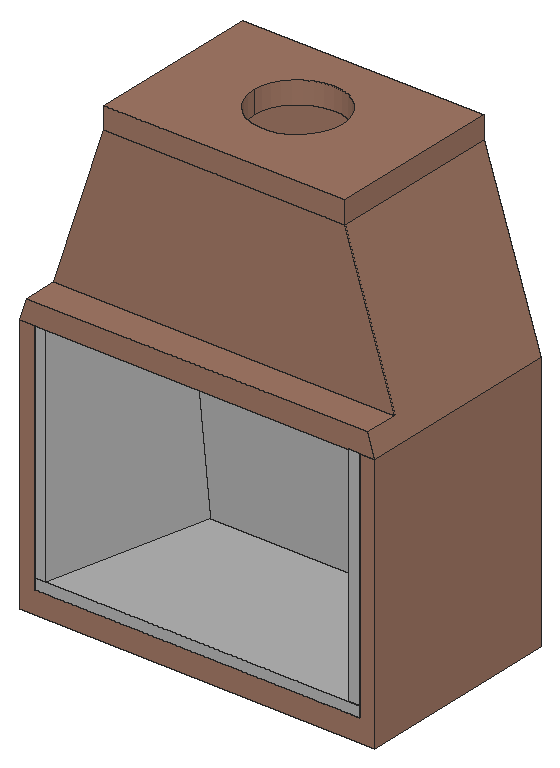
Revit family "Mason_Lite_Fireplace-44-inch", category Generic Models, Revit 2026
Family settings
  Can host rebar = No
  Round Connector Dimension = Use Diameter
  Part Type = Normal
  Work Plane-Based = No
  Always vertical = Yes
  Cut with Voids When Loaded = No
  Maintain Annotation Orientation = No
  Shared = No
  Room Calculation Point = No
Parameters
  Model = "Mason_Lite_Fireplace-44-inch"
  Manufacturer = "https://www.arcat.com/arcatcos/cos45/arc45666.html"  # constant formula
  Default Elevation = 0"
Reference planes (in)
  plane 1 "Center (Front/Back)": y = 0
  plane 2: z = 0
  plane 3 "Center (Left/Right)": x = 0
  plane 4: y = 28
  plane 5: x = -24.00006
  plane 6: x = 24.00006
  plane 7: z = 27.375
  plane 8: z = 35
  plane 9: z = 61.75
  plane 10: z = 58.75
  plane 11: z = 38
  plane 12: y = 4.5
  plane 13: z = 3.00085
  plane 14: through (-16.25, -60, 58.75) normal (0.9507, 0, -0.3102)
  plane 15: x = -16.29331
  plane 16: x = 16.2831
  plane 17: x = -13.13892
  plane 18: x = 13.12871
Forms (in)
  Extrusion 1, solid, material "Brick, Common, Brown"
    sketch origin (0, 0, 0) x (0, 1, 0) y (0, 0, 1)
      loop
        line (20.18694, 35) -> (23, 27.47614) -> (23, 27.375) -> (28, 27.375) -> (28, 35) -> (20.18694, 35)
    from -20.8942 to 21.36473
  Extrusion 2, solid, material "Brick, Common, Brown"
    sketch origin (0, 0, 0) x (1, 0, 0) y (0, 1, 0)
      loop
        line (-24.00006, 28) -> (-24.00006, 0) -> (-22.00006, 0) -> (-16.69009, 23) -> (16.69009, 23) -> (22.00006, 0) -> (24.00006, 0) -> (24.00006, 28) -> (-24.00006, 28)
      loop
        arc (-20.50006, 23.875) -> (-21.50006, 24.875) -> (-22.50006, 23.875) r 1
        line (-22.50006, 23.875) -> (-22.50006, 14)
        arc (-22.50006, 14) -> (-21.50006, 13) -> (-20.50006, 14) r 1
        line (-20.50006, 14) -> (-20.50006, 23.875)
      loop
        arc (-12.8317, 26.5) -> (-13.8317, 25.5) -> (-12.8317, 24.5) r 1
        line (-12.8317, 24.5) -> (-2.9567, 24.5)
        arc (-2.9567, 24.5) -> (-1.9567, 25.5) -> (-2.9567, 26.5) r 1
        line (-2.9567, 26.5) -> (-12.8317, 26.5)
      loop
        arc (3.1449, 26.5) -> (2.1449, 25.5) -> (3.1449, 24.5) r 1
        line (3.1449, 24.5) -> (13.0199, 24.5)
        arc (13.0199, 24.5) -> (14.0199, 25.5) -> (13.0199, 26.5) r 1
        line (13.0199, 26.5) -> (3.1449, 26.5)
      loop
        arc (22.50006, 23.875) -> (21.50006, 24.875) -> (20.50006, 23.875) r 1
        line (20.50006, 23.875) -> (20.50006, 14)
        arc (20.50006, 14) -> (21.50006, 13) -> (22.50006, 14) r 1
        line (22.50006, 14) -> (22.50006, 23.875)
    from 0 to 35
  Blend 3, solid, material "Brick, Common, Brown"
    base sketch origin (0, 0, 0) x (1, 0, 0) y (0, 1, 0)
      loop
        line (-16.29331, 28) -> (-16.29331, 4.5) -> (16.2831, 4.5) -> (16.2831, 28) -> (-16.29331, 28)
    top sketch origin (0, 0, 0) x (1, 0, 0) y (0, 1, 0)
      loop
        line (-24.00006, 28) -> (-24.00006, 4.5) -> (24.00006, 4.5) -> (24.00006, 28) -> (-24.00006, 28)
    from 58.75 to 35
  Blend 4, void
    base sketch origin (0, 0, 0) x (1, 0, 0) y (0, 1, 0)
      loop
        line (-13.13892, 25) -> (-13.13892, 7.5) -> (13.12871, 7.5) -> (13.12871, 25) -> (-13.13892, 25)
    top sketch origin (0, 0, 0) x (1, 0, 0) y (0, 1, 0)
      loop
        line (-21.00006, 25) -> (-21.00006, 7.5) -> (21.00006, 7.5) -> (21.00006, 25) -> (-21.00006, 25)
    from 58.75 to 35
  Extrusion 5, solid, material "Brick, Common, Brown"
    sketch origin (0, 0, 0) x (1, 0, 0) y (0, 0, 1)
      loop
        line (-24.00006, 3.00085) -> (-24.00006, 0) -> (24.00006, 0) -> (24.00006, 3.00085) -> (-24.00006, 3.00085)
    from -28 to 0
  Extrusion 6, solid, material "Brick, Common, Brown"
    sketch origin (0, 0, 0) x (1, 0, 0) y (0, 0, 1)
      loop
        line (-23.0211, 38) -> (-24.00006, 35) -> (24.00006, 35) -> (23.0211, 38) -> (-23.0211, 38)
    from -5.59748 to 0
  Extrusion 7, solid, material "Brick, Common, Grey"
    sketch origin (0, 0, 0) x (0, 1, 0) y (0, 0, 1)
      loop
        line (18.64913, 35) -> (21.5, 4.50085) -> (23.00654, 4.50085) -> (20.15567, 35) -> (18.64913, 35)
    from -16.71895 to 16.71895
  Extrusion 8, solid, material "Brick, Common, Brown"
    sketch origin (0, 0, 58.75) x (1, 0, 0) y (0, 1, 0)
      loop
        line (-16.29331, 28) -> (-16.29331, 4.5) -> (16.2831, 4.5) -> (16.2831, 28) -> (-16.29331, 28)
      loop
        circle (-0.00511, 17) r 6
    from 0 to 3
  Extrusion 9, solid, material "Brick, Common, Grey"
    sketch origin (0, 0, 0) x (1, 0, 0) y (0, 1, 0)
      loop
        line (-22.00006, 0) -> (-20.4606, 0) -> (-15.15063, 23) -> (-16.69009, 23) -> (-22.00006, 0)
      loop
        line (16.69009, 23) -> (15.15063, 23) -> (20.4606, 0) -> (22.00006, 0) -> (16.69009, 23)
    from 4.50085 to 35
  Extrusion 10, solid, material "Brick, Common, Grey"
    sketch origin (0, 0, 3.00085) x (1, 0, 0) y (0, 1, 0)
      loop
        line (-16.69009, 23) -> (-22.00006, 0) -> (22.00006, 0) -> (16.69009, 23) -> (-16.69009, 23)
    from 0 to 1.5
Cuts and joins
  Blend 4 cuts Extrusion 2
  joined: Extrusion 1, Extrusion 2, Extrusion 5
  Blend 4 cuts Blend 3
  Blend 4 cuts Extrusion 6
  joined: Blend 3, Extrusion 6
Dimensions and locks (in)
  aligned and locked: level to plane 2
